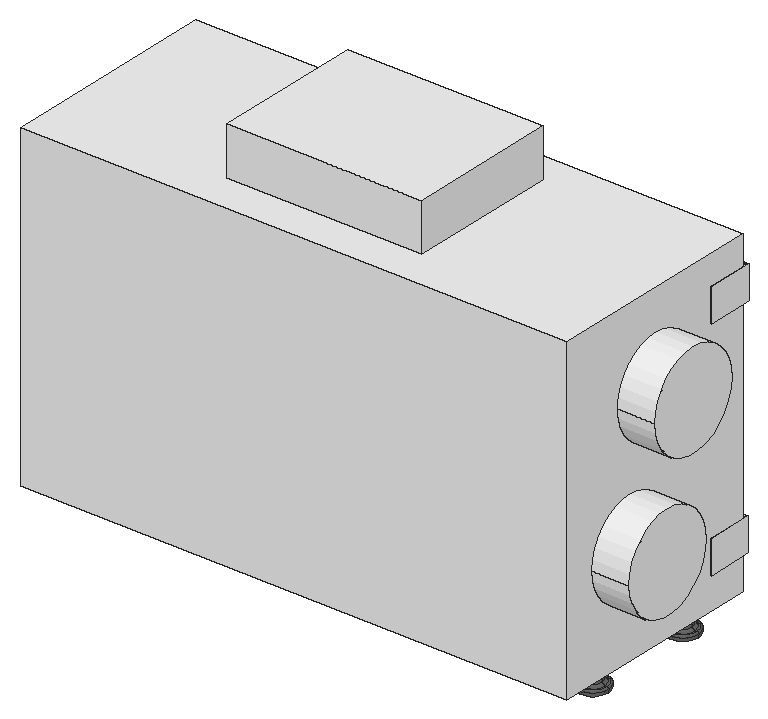
Revit family "BLAUBERG-KOMFORT_UltraEC_L2_300", category Mechanical Equipment, Revit 2019
Family settings
  Round Connector Dimension = Use Diameter
  Classification = None
  Part Type = Normal
  OmniClass Number = 23.75.35.14
  OmniClass Title = Air Handling Units
  Work Plane-Based = No
  Always vertical = Yes
  Cut with Voids When Loaded = No
  Shared = No
  Room Calculation Point = No
Parameters (values of type "KOMFORT Ultra EC L2 300-H")
  dLFeets = 22 mm
  dBFeets = 70 mm
  Weight = 32.00 kg
  Standard Service Side [instance] = yes
  Sound Pressure Level at 3 m (dBA) = "33"
  ServiceDoorB = 20 mm  # constant formula
  Service Side 2 [instance] = Standard Service Side  # yes
  Service Side 1 [instance] = not(Standard Service Side)  # no
  MountingPlateH2 = 360 mm
  MountingPlateH1 = 65 mm
  MountingPlateGapB = 7 mm  # constant formula
  MountingPlateB = MountingPlateGapB + 15 mm  # 22 mm
  Maintenance Zone Side 2 [instance] = if(Maintenance Zone, (if(not(Standard Service Side), 1 = 1, 1 = 0)), 1 = 0)  # no
  Maintenance Zone Side 1 [instance] = if(Maintenance Zone, (if(Standard Service Side, 1 = 1, 1 = 0)), 1 = 0)  # no
  Plastic Material = Polypropylene Black
  Maximum Unit Power = 165 W
  Unit Current = 1.3 A
  Leveling Feets Height Calc [instance] = if(Leveling Feets Height < 23 mm, 23 mm, Leveling Feets Height)  # 23 mm
  Leveling Feets Height [instance] = 23 mm
  Leveling Feets [instance] = yes
  H2 = 114 mm
  H1 = 134 mm
  Heat Exchanger Material = "polystyrene"
  HDuctCon = 50 mm  # constant formula
  H = 419 mm
  ElConB = 138 mm
  ElConL = 357 mm
  ElBoxH = 63 mm
  ElBoxB = 198 mm
  ElBoxA = 255 mm
  DrainPipeD = if(Drain Connection Diameter = 0 mm, 1 mm, Drain Connection Diameter)  # 16 mm
  DrainPipe = yes
  DrainConB = 302 mm
  Drain Flow [instance] = 0.0 L/s
  Drain Connection Diameter = 16 mm
  BackFeetD = 20 mm  # constant formula
  B4 = 143 mm
  B3 = 102 mm
  B2 = 102 mm
  Air Flow Factor [instance] = 1  # constant formula
  B1 = 143 mm
  L = 714 mm
  Voltage = 230 V
  URL = "https://blaubergventilatoren.de/en/product/komfort-ultra-ec-l2-300-h-s14"
  Type Comments = "Air Handling Unit KOMFORT Ultra EC L2 300-H"
  Transported Air Temperature (°C) = "-25…+40"
  Supply Air Filter = "G4 (option F8)"
  SEC Class = "A"
  RPM (min-1) = 2050
  Power Factor = 1
  Power = Maximum Unit Power  # 165 W
  Number of Poles = 1
  Model = "KOMFORT Ultra EC L2 300-H"
  Maximum Air Flow = 300 m³/h
  Manufacturer = "Blauberg"
  Maintenance Zone Material = Maintenance Zone
  Front Maintenance Zone Height = 500 mm
  Maintenance Zone [instance] = no
  Load Classification = HVAC
  B = 287 mm
  Heat recovery efficiency (%) = "55..79"
  Heat Exchanger Type = "cross-flow"
  Metal Material = Metal Zinc
  Family Version = "1.0"  # constant formula
  Extract Air Filter = "G4"
  Duct Connection Diameter = 125 mm
  Description = "Air Handling Unit"
  D = Duct Connection Diameter  # 125 mm
  Current = Unit Current  # 1.3 A
  Copyright = "©Blauberg"
  Casing Material = Painted Steel White
  Apparent Power [instance] = Power / Power Factor  # 165 VA
  Air Flow Supply [instance] = 0 m³/h
  Air Flow Exhaust [instance] = 0 m³/h
Types (2, lengths in mm): name | Weight | Heat Exchanger Material | DrainPipeD | DrainPipe | Drain Connection Diameter | URL | Type Comments | Model | Heat recovery efficiency (%)
  KOMFORT Ultra EC L2 300-H | 32.00 kg | "polystyrene" | 16 | yes | 16 | "https://blaubergventilatoren.de/en/product/komfort-ultra-ec-l2-300-h-s14" | "Air Handling Unit KOMFORT Ultra EC L2 300-H" | "KOMFORT Ultra EC L2 300-H" | "55..79"
  KOMFORT Ultra EC L2 300-E | 28.00 kg | "enthalpy" | 1 | no | 0 | "https://blaubergventilatoren.de/en/product/komfort-ultra-ec-l2-300-e-s14" | "Air Handling Unit KOMFORT Ultra EC L2 300-E" | "KOMFORT Ultra EC L2 300-E" | "51..73"
Reference planes
  plane 1 "Center (Front/Back)": y = 0
  plane 2: z = 0
  plane 3 "Center (Left/Right)": x = 0
  plane 4 "Right": x = 357
  plane 5 "Front": y = -143.5
  plane 6 "Left": x = -357
  plane 7 "Top": z = 442
  plane 8 "Back": y = 143.5
  plane 9 "DuctConB2": y = -0.5
  plane 10 "DuctConB1": y = 41.5
  plane 11 "Bottom": z = 23
  plane 12 "FeetsL1": x = -335
  plane 13 "FeetsL2": x = 335
  plane 14 "FeetsB1": y = 73.5
  plane 15 "FeetsB2": y = -73.5
  plane 16 "DuctConH1": z = 328
  plane 17 "ElConB": y = 5.5
  plane 18 "ServiceDoorBack": y = 123.5
  plane 19 "ServiceDoorFront": y = -123.5
  plane 20 "DrainConB": x = 55
  plane 21 "MountingPlateFront": y = -150.5
  plane 22 "MountingPlateBack": y = 150.5
  plane 23 "MountingPlateH2": z = 383
  plane 24 "MountingPlateH1": z = 88
  plane 25 "ElConL": x = 0
  plane 26: x = -127.5
  plane 27: x = 127.5
  plane 28: y = 104.5
  plane 29: y = -93.5
  plane 30 "MountingPlateH4": y = -23.5
  plane 31 "DuctConH2": z = 157
  plane 32: x = -407
  plane 33: x = 407
  plane 34 "ElBoxH": z = 505
  plane 35 "DuctConB3": y = -41.5
  plane 36 "DuctConB4": y = 0.5
Forms (mm)
  Extrusion 1, solid, material "Painted Steel White" <- "Casing Material", detail levels medium+fine
    sketch origin (0, 377, 23) x (-1, 0, 0) y (0, -1, 0)
      loop
        line (357, 233.5) -> (357, 520.5) -> (-357, 520.5) -> (-357, 233.5) -> (357, 233.5)
    from 0 to 419
  Extrusion 2, solid, material "Polypropylene Black" <- "Plastic Material", visible <- "DrainPipe", detail levels medium+fine
    sketch origin (0, 0, 23) x (-1, 0, 0) y (0, -1, 0)
      loop
        circle (-55, 0) r 8
    from 0 to -35
  Extrusion 3, solid, material "Painted Steel White" <- "Casing Material", detail levels medium+fine
    sketch origin (0, 0, 442) x (-1, 0, 0) y (0, -1, 0)
      loop
        line (127.5, -104.5) -> (127.5, 93.5) -> (-127.5, 93.5) -> (-127.5, -104.5) -> (127.5, -104.5)
    from 0 to 63
  Extrusion 4, solid, material "Painted Steel White" <- "Casing Material", detail levels medium+fine
    sketch origin (-357, 0, 0) x (0, 1, 0) y (0, 0, 1)
      loop
        circle (-0.5, 328) r 62.5
      loop
        circle (41.5, 157) r 62.5
    from 0 to -50
  Extrusion 5, solid, material "Painted Steel White" <- "Casing Material", detail levels medium+fine
    sketch origin (357, 0, 0) x (0, 1, 0) y (0, 0, 1)
      loop
        circle (0.5, 328) r 62.5
      loop
        circle (-41.5, 157) r 62.5
    from 0 to 50
Lines and regions (mm)
  model lines, detail levels coarse
    curve 1: line (-357, -143.5, 442) -> (-357, 143.5, 442)
    curve 2: line (357, -143.5, 442) -> (-357, -143.5, 442)
    curve 3: line (357, 143.5, 442) -> (357, -143.5, 442)
    curve 4: line (-357, -143.5, 23) -> (-357, 143.5, 23)
    curve 5: line (357, -143.5, 23) -> (-357, -143.5, 23)
    curve 6: line (357, 143.5, 23) -> (357, -143.5, 23)
    curve 7: line (-357, -143.5, 442) -> (357, -143.5, 442)
    curve 8: line (-357, -143.5, 23) -> (-357, -143.5, 442)
    curve 9: line (357, -143.5, 23) -> (-357, -143.5, 23)
    curve 10: line (357, -143.5, 442) -> (357, -143.5, 23)
    curve 11: line (-357, -143.5, 442) -> (-357, -143.5, 23)
    curve 12: line (357, -143.5, 442) -> (357, -143.5, 23)
    curve 13: line (-357, 143.5, 23) -> (357, 143.5, 23)
    curve 14: line (-357, 143.5, 442) -> (357, 143.5, 442)
    curve 15: line (-357, 143.5, 442) -> (-357, 143.5, 23)
    curve 16: line (357, 143.5, 442) -> (357, 143.5, 23)
    curve 17: line (-407, -0.5, 328) -> (-357, -0.5, 328)
    curve 18: line (-407, 41.5, 157) -> (-357, 41.5, 157)
    curve 19: line (357, -41.5, 157) -> (407, -41.5, 157)
    curve 20: line (357, 0.5, 328) -> (407, 0.5, 328)
Dimensions and locks
  "B": plane 8 "Back" to plane 5 "Front"
  equal spacing: plane 6 "Left", plane 3 "Center (Left/Right)", plane 4 "Right"
  "L": plane 6 "Left" to plane 4 "Right"
  "dBFeets": plane 8 "Back" to plane 14 "FeetsB1"
  "dBFeets": plane 15 "FeetsB2" to plane 5 "Front"
  "dLFeets": plane 6 "Left" to plane 12 "FeetsL1"
  "dLFeets": plane 13 "FeetsL2" to plane 4 "Right"
  "Leveling Feets Height Calc": plane 11 "Bottom" to level
  "H": plane 7 "Top" to plane 11 "Bottom"
  "ElConB": plane 8 "Back" to plane 17 "ElConB"
  "ServiceDoorB": plane 8 "Back" to plane 18 "ServiceDoorBack"
  "ServiceDoorB": plane 19 "ServiceDoorFront" to plane 5 "Front"
  equal spacing: plane 8 "Back", plane 1 "Center (Front/Back)", plane 5 "Front"
  "DrainConB": plane 20 "DrainConB" to plane 4 "Right"
  "MountingPlateGapB": plane 22 "MountingPlateBack" to plane 8 "Back"
  "MountingPlateGapB": plane 5 "Front" to plane 21 "MountingPlateFront"
  "MountingPlateH1": plane 24 "MountingPlateH1" to plane 11 "Bottom"
  "MountingPlateH2": plane 23 "MountingPlateH2" to plane 11 "Bottom"
  "ElConL": plane 25 "ElConL" to plane 4 "Right"
  equal spacing: plane 26, plane 25 "ElConL", plane 27
  "ElBoxA": plane 26 to plane 27
  equal spacing: plane 28, plane 17 "ElConB", plane 29
  "ElBoxB": plane 28 to plane 29
  "H1": plane 31 "DuctConH2" to plane 11 "Bottom"
  "H2": plane 7 "Top" to plane 16 "DuctConH1"
  "HDuctCon": plane 32 to plane 6 "Left"
  "HDuctCon": plane 4 "Right" to plane 33
  "ElBoxH": plane 34 "ElBoxH" to plane 7 "Top"
  "B1": plane 9 "DuctConB2" to plane 5 "Front"
  "B2": plane 8 "Back" to plane 10 "DuctConB1"
  "B4": plane 8 "Back" to plane 36 "DuctConB4"
  "B3": plane 35 "DuctConB3" to plane 5 "Front"
  "DrainPipeD": diameter of Extrusion 2 sketch curve
  "D": diameter of Extrusion 4 sketch curve  (x2)
  "D": diameter of Extrusion 5 sketch curve  (x2)
  aligned and locked: level to plane 2
  aligned and locked: plane 12 "FeetsL1" to nested 1
  aligned and locked: nested 1 to plane 14 "FeetsB1"
  aligned and locked: plane 13 "FeetsL2" to nested 2
  aligned and locked: nested 2 to plane 14 "FeetsB1"
  aligned and locked: nested 3 to plane 15 "FeetsB2"
  aligned and locked: plane 13 "FeetsL2" to nested 3
  aligned and locked: plane 12 "FeetsL1" to nested 4
  aligned and locked: nested 4 to plane 15 "FeetsB2"
  aligned and locked: Extrusion 1 sketch curve to plane 8 "Back"
  aligned and locked: plane 6 "Left" to Extrusion 1 sketch curve
  aligned and locked: plane 5 "Front" to Extrusion 1 sketch curve
  aligned and locked: Extrusion 1 sketch curve to plane 4 "Right"
  aligned and locked: plane 7 "Top" to Extrusion 1
  aligned and locked: plane 3 "Center (Left/Right)" to nested 5
  aligned and locked: nested 5 to plane 7 "Top"
  aligned and locked: curve 2 to Extrusion 1
  aligned and locked: curve 4 to curve 1
  aligned and locked: curve 2 to curve 5
  aligned and locked: curve 6 to nested 5
  aligned and locked: curve 8 to Extrusion 1
  aligned and locked: curve 10 to Extrusion 1
  aligned and locked: curve 11 to plane 5 "Front"
  aligned and locked: curve 12 to plane 5 "Front"
  aligned and locked: plane 8 "Back" to curve 3
  aligned and locked: plane 8 "Back" to curve 6
  aligned and locked: plane 6 "Left" to curve 13
  aligned and locked: curve 13 to plane 8 "Back"
  aligned and locked: plane 4 "Right" to curve 14
  aligned and locked: plane 6 "Left" to curve 14
  aligned and locked: curve 14 to plane 8 "Back"
  aligned and locked: plane 3 "Center (Left/Right)" to nested 6
  aligned and locked: nested 6 to plane 7 "Top"
  aligned and locked: plane 7 "Top" to curve 15
  aligned and locked: plane 11 "Bottom" to curve 15
  aligned and locked: plane 7 "Top" to curve 16
  aligned and locked: plane 11 "Bottom" to curve 16
  aligned and locked: plane 8 "Back" to curve 15
  aligned and locked: plane 8 "Back" to curve 16
  aligned and locked: plane 23 "MountingPlateH2" to nested 7
  aligned and locked: plane 24 "MountingPlateH1" to nested 8
  aligned and locked: plane 23 "MountingPlateH2" to nested 9
  aligned and locked: plane 24 "MountingPlateH1" to nested 10
  aligned and locked: plane 3 "Center (Left/Right)" to nested 7
  aligned and locked: plane 3 "Center (Left/Right)" to nested 9
  aligned and locked: plane 3 "Center (Left/Right)" to nested 8
  aligned and locked: plane 3 "Center (Left/Right)" to nested 10
  aligned and locked: Extrusion 3 sketch curve to plane 28
  aligned and locked: plane 26 to Extrusion 3 sketch curve
  aligned and locked: plane 29 to Extrusion 3 sketch curve
  aligned and locked: Extrusion 3 sketch curve to plane 27
  aligned and locked: plane 16 "DuctConH1" to Extrusion 4 sketch curve
  aligned and locked: plane 31 "DuctConH2" to Extrusion 4 sketch curve
  aligned and locked: plane 16 "DuctConH1" to Extrusion 5 sketch curve
  aligned and locked: plane 31 "DuctConH2" to Extrusion 5 sketch curve
  aligned and locked: Extrusion 4 to plane 32
  aligned and locked: plane 33 to Extrusion 5
  aligned and locked: plane 32 to curve 17
  aligned and locked: plane 6 "Left" to curve 17
  aligned and locked: plane 32 to curve 18
  aligned and locked: plane 6 "Left" to curve 18
  aligned and locked: plane 4 "Right" to curve 19
  aligned and locked: plane 33 to curve 19
  aligned and locked: plane 4 "Right" to curve 20
  aligned and locked: plane 33 to curve 20
  aligned and locked: plane 34 "ElBoxH" to Extrusion 3
  aligned and locked: plane 35 "DuctConB3" to Extrusion 5 sketch curve
  aligned and locked: plane 36 "DuctConB4" to Extrusion 5 sketch curve
  aligned and locked: plane 9 "DuctConB2" to Extrusion 4 sketch curve
  aligned and locked: plane 10 "DuctConB1" to Extrusion 4 sketch curve
  aligned and locked: curve 18 to plane 10 "DuctConB1"
  aligned and locked: curve 17 to plane 9 "DuctConB2"
  aligned and locked: curve 19 to plane 35 "DuctConB3"
  aligned and locked: curve 20 to plane 36 "DuctConB4"
Automatic sketch dimensions
  curve 11 to plane 11 "Bottom" = 0 mm
  curve 11 to plane 7 "Top" = 0 mm
  curve 12 to plane 11 "Bottom" = 0 mm
  curve 12 to plane 7 "Top" = 0 mm
  curve 10 to plane 11 "Bottom" = 0 mm
  curve 7 to plane 7 "Top" = 0 mm
  plane 1 "Center (Front/Back)" to Extrusion 2 sketch curve = 0 mm
  Extrusion 2 sketch curve to plane 20 "DrainConB" = 0 mm
Nested families
  nested 1: "LevellingFeet" at (-335, 73.5, 0), visible <- "Leveling Feets", type "LevellingFeet", detail levels medium+fine
  nested 2: "LevellingFeet" at (335, 73.5, 0), visible <- "Leveling Feets", type "LevellingFeet", detail levels medium+fine
  nested 3: "LevellingFeet" at (335, -73.5, 0), visible <- "Leveling Feets", type "LevellingFeet", detail levels medium+fine
  nested 4: "LevellingFeet" at (-335, -73.5, 0), visible <- "Leveling Feets", type "LevellingFeet", detail levels medium+fine
  nested 5: "MaintenanceZone_Rect" at (0, -143.5, 232.5) x (1, 0, 0) z (0, 1, 0), visible <- "Maintenance Zone Side 1", type "Front", detail levels medium+fine
    with Maintenance Zone Width 419 mm, Maintenance Zone Length 714 mm, Maintenance Zone Height 500 mm
  nested 6: "MaintenanceZone_Rect" at (0, 143.5, 232.5) x (1, 0, 0) z (0, -1, 0), visible <- "Maintenance Zone Side 2", type "Front", detail levels medium+fine
    with Maintenance Zone Width 419 mm, Maintenance Zone Length 714 mm, Maintenance Zone Height 500 mm
  nested 7: "MountingPlate5" at (0, -150.5, 383) x (1, 0, 0) z (0, 1, 0), visible <- "Service Side 1", type "MountingPlate5", detail levels medium+fine
    with Width 43 mm, Lenght 714 mm, Height 60 mm
  nested 8: "MountingPlate5" at (0, -150.5, 88) x (1, 0, 0) z (0, 1, 0), visible <- "Service Side 1", type "MountingPlate5", detail levels medium+fine
    with Width 43 mm, Lenght 714 mm, Height 60 mm
  nested 9: "MountingPlate5" at (0, 150.5, 383) x (1, 0, 0) z (0, -1, 0), visible <- "Service Side 2", type "MountingPlate5", detail levels medium+fine
    with Width 43 mm, Lenght 714 mm, Height 60 mm
  nested 10: "MountingPlate5" at (0, 150.5, 88) x (1, 0, 0) z (0, -1, 0), visible <- "Service Side 2", type "MountingPlate5", detail levels medium+fine
    with Width 43 mm, Lenght 714 mm, Height 60 mm
Connectors
  piping at (55, 0, -12), diameter 16, driven by "Drain Connection Diameter", driven by "Drain Flow"
    settings: on Extrusion 2, index 7, connector inside diameter 609.6 mm, connector length 0 mm, flow factor 0, pipe flow 0.0 L/s, pressure drop 0.0 Pa, fitting loss kfactor 0, connector angle 0.00°, fixture units 0, engagement length 0 mm, angle of deflection 0.00°, flow configuration 1, flow direction 2, fitting loss method 0, system type 16, joint type 0, gender type 0, connector reference index -1, connector utility 0, adjustable connector no, is connector primary yes, connector description "Drain"
  hvac at (-407, -0.5, 328), driven by "Duct Connection Diameter", driven by "Air Flow Exhaust"
    settings: on Extrusion 4, index 8, duct flow 0 m³/h, flow factor 0, pres drop 0.0 Pa, loss coef 0, conn angle 0.00°, conn width 304.8 mm, conn height 304.8 mm, conn diameter 125 mm, duct sys type 3, conn prof type 0, flow config 0, flow direction 1, loss method 0, conn ref index -1, conn util no, is conn primary no, conn desc "Extract Air"
  hvac at (-407, 41.5, 157), driven by "Duct Connection Diameter", driven by "Air Flow Supply"
    settings: on Extrusion 4, index 9, duct flow 0 m³/h, flow factor 0, pres drop 0.0 Pa, loss coef 0, conn angle 0.00°, conn width 304.8 mm, conn height 304.8 mm, conn diameter 125 mm, duct sys type 1, conn prof type 0, flow config 0, flow direction 2, loss method 0, conn ref index -1, conn util no, is conn primary no, conn desc "Supply Air"
  hvac at (407, 0.5, 328), driven by "Duct Connection Diameter", driven by "Air Flow Supply"
    settings: on Extrusion 5, index 10, duct flow 0 m³/h, flow factor 0, pres drop 0.0 Pa, loss coef 0, conn angle 0.00°, conn width 304.8 mm, conn height 304.8 mm, conn diameter 125 mm, duct sys type 1, conn prof type 0, flow config 1, flow direction 1, loss method 0, conn ref index -1, conn util no, is conn primary yes, conn desc "Intake Air"
  hvac at (407, -41.5, 157), driven by "Duct Connection Diameter", driven by "Air Flow Exhaust"
    settings: on Extrusion 5, index 11, duct flow 0 m³/h, flow factor 0, pres drop 0.0 Pa, loss coef 0, conn angle 0.00°, conn width 304.8 mm, conn height 304.8 mm, conn diameter 125 mm, duct sys type 3, conn prof type 0, flow config 1, flow direction 2, loss method 0, conn ref index -1, conn util no, is conn primary no, conn desc "Exhaust Air"
  electrical at (0, 5.5, 505), driven by "Number of Poles", driven by "Load Classification", driven by "Voltage", driven by "Apparent Power", driven by "Power Factor"
    settings: on Extrusion 3, index 12, voltage 230 V, apparent load 165 VA, apparent load phase1 0 VA, apparent load phase2 0 VA, apparent load phase3 0 VA, power factor 1, load classification "HVAC", number of poles 1, system type 30, power factor state 1, is connector primary yes, connector utility no, sub classification motor no, connector description ""
Definition of nested family "LevellingFeet"
  Parameters (values of type "LevellingFeet")
    r2 = d2 / 2  # 9 mm
    r1 = d1 / 2  # 12 mm
    h2 = 15 mm
    h1 = 6 mm
    d3 = 8 mm
    d2 = 18 mm
    d1 = 24 mm
    R = D / 2  # 20.5 mm
    Material = none
    H = 23 mm
    Default Elevation = 1219.2 mm
    D = 41 mm
  Reference planes
    plane 1 "Center (Front/Back)": y = 0
    plane 2: z = 0
    plane 3 "Center (Left/Right)": x = 0
    plane 4: z = 6
    plane 5: x = -9
    plane 6: x = -20.5
    plane 7: x = -12
    plane 8: z = 21
    plane 9: z = 23
  Forms (mm)
    Revolve 1, solid, material <- "Material"
      sketch origin (0, 0, 0) x (1, 0, 0) y (0, 0, 1)
        loop
          line (0, 21) -> (-9, 21) -> (-11.354, 9.228)
          arc (-11.354, 9.228) -> (-12.746, 6.91) -> (-15.292, 6) r 4.016
          line (-15.292, 6) -> (-18.541, 6)
          arc (-18.541, 6) -> (-19.926, 5.426) -> (-20.5, 4.041) r 1.959
          line (-20.5, 4.041) -> (-20.5, 0) -> (0, 0) -> (0, 21)
        axis (0, 21) -> (0, 0)
      angle from 0 to 360
    Extrusion 2, solid, material <- "Material"
      sketch origin (0, 0, 0) x (1, 0, 0) y (0, 1, 0)
        loop
          circle (0, 0) r 4
      from 23 to 6
  Cuts and joins
    joined: Revolve 1, Extrusion 2
  Dimensions and locks
    "r2": plane 3 "Center (Left/Right)" to plane 5
    "R": plane 3 "Center (Left/Right)" to plane 6
    "r1": plane 3 "Center (Left/Right)" to plane 7
    "h2": plane 8 to plane 4
    "h1": plane 4 to level
    "H": plane 9 to level
    "d3": diameter of Extrusion 2 sketch curve
    aligned and locked: level to plane 2
    aligned and locked: Revolve 1 sketch curve to plane 3 "Center (Left/Right)"
    aligned and locked: plane 8 to Revolve 1 sketch curve
    aligned and locked: Extrusion 2 to plane 4
    aligned and locked: plane 9 to Extrusion 2
    aligned and locked: cut or joined group of Revolve 1, Extrusion 2 to level
  Automatic sketch dimensions
    Revolve 1 sketch curve to level = 0 mm
    Revolve 1 sketch curve to plane 6 = 0 mm
    Revolve 1 sketch curve to plane 4 = 0 mm
    Revolve 1 sketch curve to plane 5 = 0 mm
    Revolve 1 sketch curve to plane 3 "Center (Left/Right)" = 0 mm
    plane 6 to Revolve 1 sketch curve = 1.959 mm
    Revolve 1 sketch curve to plane 7 = 3.292 mm
    plane 7 to Revolve 1 sketch curve = 0.646 mm
    plane 4 to Revolve 1 sketch curve = 3.228 mm
    Revolve 1 sketch curve to level = 336.045 mm
    plane 9 to Revolve 1 sketch curve = 2172.315 mm
    plane 1 "Center (Front/Back)" to Extrusion 2 sketch curve = 0 mm
    Extrusion 2 sketch curve to plane 3 "Center (Left/Right)" = 0 mm
Definition of nested family "MaintenanceZone_Rect"
  Parameters (values of type "MaintenanceZone_Rect")
    Maintenance Zone Width = 500 mm
    Material = none
    Maintenance Zone Length = 1000 mm
    Maintenance Zone Height = 300 mm
    Family Version = ""
    Default Elevation = 1219.2 mm
    Copyright = ""
  Reference planes
    plane 1 "Center (Front/Back)": y = 0
    plane 2: z = 0
    plane 3 "Center (Left/Right)": x = 0
    plane 4: x = -500
    plane 5: x = 500
    plane 6: y = 250
    plane 7: y = -250
    plane 8: z = -300
  Forms (mm)
    Extrusion 1, solid, material <- "Material", detail levels medium+fine
      sketch origin (0, 0, 0) x (1, 0, 0) y (0, 1, 0)
        loop
          line (-500, 250) -> (-500, -250) -> (500, -250) -> (500, 250) -> (-500, 250)
      from 0 to -300
  Lines and regions (mm)
    symbolic lines, detail levels medium+fine
      curve 1: line (-500, 0, 0) -> (500, 0, 0)
      curve 2: line (-500, 0, -300) -> (-500, 0, 0)
      curve 3: line (500, 0, -300) -> (-500, 0, -300)
      curve 4: line (500, 0, 0) -> (500, 0, -300)
      curve 5: line (0, 250, 0) -> (0, -250, 0)
      curve 6: line (0, 250, -300) -> (0, 250, 0)
      curve 7: line (0, -250, -300) -> (0, 250, -300)
      curve 8: line (0, -250, 0) -> (0, -250, -300)
      curve 9: line (-500, 250, 0) -> (500, 250, 0)
      curve 10: line (-500, -250, 0) -> (-500, 250, 0)
      curve 11: line (500, -250, 0) -> (-500, -250, 0)
      curve 12: line (500, 250, 0) -> (500, -250, 0)
  Dimensions and locks
    equal spacing: plane 6, plane 1 "Center (Front/Back)", plane 7
    equal spacing: plane 4, plane 3 "Center (Left/Right)", plane 5
    "Maintenance Zone Width": plane 6 to plane 7
    "Maintenance Zone Length": plane 4 to plane 5
    "Maintenance Zone Height": plane 2 to plane 8
    aligned and locked: level to plane 2
    aligned and locked: Extrusion 1 sketch curve to plane 6
    aligned and locked: plane 4 to Extrusion 1 sketch curve
    aligned and locked: plane 7 to Extrusion 1 sketch curve
    aligned and locked: Extrusion 1 sketch curve to plane 5
    aligned and locked: Extrusion 1 to plane 8
    aligned and locked: curve 1 to Extrusion 1
    aligned and locked: curve 2 to Extrusion 1
    aligned and locked: curve 3 to Extrusion 1
    aligned and locked: curve 4 to Extrusion 1
    aligned and locked: curve 5 to Extrusion 1
    aligned and locked: curve 6 to Extrusion 1
    aligned and locked: curve 7 to Extrusion 1
    aligned and locked: curve 8 to Extrusion 1
    aligned and locked: curve 9 to Extrusion 1
    aligned and locked: curve 10 to Extrusion 1
    aligned and locked: curve 11 to Extrusion 1
    aligned and locked: curve 12 to Extrusion 1
Definition of nested family "MountingPlate5"
  Parameters (values of type "MountingPlate5")
    Width = 50 mm
    Thickness = 2 mm
    Material = none
    Lenght = 500 mm
    Height = 30 mm
    Default Elevation = 1219.2 mm
  Reference planes
    plane 1 "Center (Front/Back)": y = 0
    plane 2: z = 0
    plane 3 "Center (Left/Right)": x = 0
    plane 4: x = -250
    plane 5: x = 250
    plane 6: y = -25
    plane 7: y = 25
    plane 8: z = 30
  Forms (mm)
    Extrusion 1, solid, material <- "Material"
      sketch origin (0, 0, 0) x (1, 0, 0) y (0, 0, 1)
        loop
          line (-250, 30) -> (-252, 30) -> (-252, 0) -> (252, 0) -> (252, 30) -> (250, 30) -> (250, 2) -> (-250, 2) -> (-250, 30)
      from -25 to 25
  Dimensions and locks
    equal spacing: plane 4, plane 3 "Center (Left/Right)", plane 5
    "Lenght": plane 4 to plane 5
    "Height": plane 8 to level
    equal spacing: plane 6, plane 1 "Center (Front/Back)", plane 7
    "Width": plane 6 to plane 7
    "Thickness": Extrusion 1 sketch curve to plane 2
    "Thickness": Extrusion 1 sketch curve to plane 5
    "Thickness": plane 4 to Extrusion 1 sketch curve
    aligned and locked: level to plane 2
    aligned and locked: Extrusion 1 sketch curve to plane 4
    aligned and locked: plane 5 to Extrusion 1 sketch curve
    aligned and locked: plane 8 to Extrusion 1 sketch curve  (x2)
    aligned and locked: plane 2 to Extrusion 1 sketch curve
    aligned and locked: Extrusion 1 to plane 7
    aligned and locked: plane 6 to Extrusion 1
